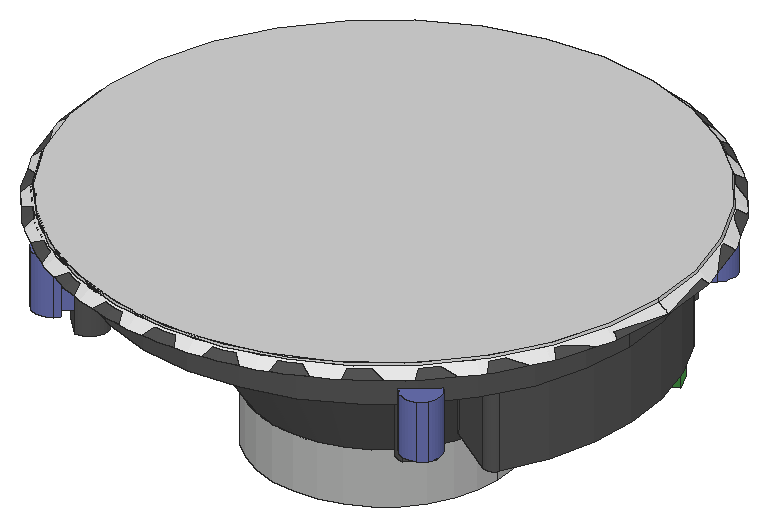
Revit family "QCI8DC", category Communication Devices, Revit 2020
Family settings
  Maintain Annotation Orientation = No
  Round Connector Dimension = Use Diameter
  Part Type = Normal
  Work Plane-Based = Yes
  Always vertical = No
  Cut with Voids When Loaded = Yes
  Shared = No
  Room Calculation Point = No
Parameters
  Weight (kg) [instance] = 3.1  # constant formula
  Thickness [instance] = 12 mm
  Square Grille [instance] = no
  Sensitivity [instance] = 87  # constant formula
  SPL Max (Peak) [instance] = 112  # constant formula
  Round Grille [instance] = yes
  Power Handling (Average) [instance] = 80  # constant formula
  Model = "QCI8DC"
  Manufacturer = "Tannoy"
  Impedance [instance] = 8  # constant formula
  Default Elevation = 0 mm
  Baffle Thickness [instance] = -Thickness  # -12 mm
Reference planes
  plane 1 "Center (Front/Back)": y = 0
  plane 2: z = 0
  plane 3 "Center (Left/Right)": x = 0
Forms (mm)
  Extrusion 1, solid, not visible
    sketch origin (0, 0, 0) x (1, 0, 0) y (0, 1, 0)
      loop
        line (-500, 500) -> (-500, -500) -> (500, -500) -> (500, 500) -> (-500, 500)
    from 0 to -12 <- "Baffle Thickness"
  Extrusion 2, void
    sketch origin (0, 0, 0) x (1, 0, 0) y (0, 1, 0)
      loop
        circle (0, 0) r 125
    from 0 to -12 <- "Baffle Thickness"
Cuts and joins
  Extrusion 2 cuts Extrusion 1
Dimensions and locks
  aligned and locked: level to plane 2
Nested families
  nested 1: "QCI8DC - base2" at (0, 0, 0) x (1, 0, 0) z (0, 0, -1), Round Grille <- "Round Grille", Square Grille <- "Square Grille", Thickness <- "Thickness", type "QCI8DC - base2"
    with Thickness 12 mm, Square Grille no, Round Grille yes
Connectors
  electrical at (103.753, 48.976, -65.678)
    settings: on nested 1, index 1, voltage 0 V, apparent load 0 VA, apparent load phase1 0 VA, apparent load phase2 0 VA, apparent load phase3 0 VA, power factor 1, load classification "Other", number of poles 1, system type 14, power factor state 1, is connector primary yes, connector utility no, sub classification motor no, connector description "Speaker In - 2pin"
Definition of nested family "QCI8DC - base2"
  Parameters (values of type "QCI8DC - base2")
    Thickness [instance] = 12 mm
    Square Grille [instance] = no
    Round Grille [instance] = yes
    Model = "QCI8DC"
    Manufacturer = "Tannoy"
    Default Elevation = 0 mm
  Reference planes
    plane 1 "Center (Front/Back)": y = 0
    plane 2: z = 0
    plane 3 "Center (Left/Right)": x = 0
  Lines and regions (mm)
    model lines
      curve 1: circle (0, 0, 0) r 100 normal (0, 0, 1)
  Dimensions and locks
    aligned and locked: level to plane 2
  Nested families
    nested 1: "QCI8DC - base1" at (0, 0, 0) x (1, 0, 0) z (0, 0, -1), Thickness <- "Thickness", type "QCI8DC - base1", detail levels medium+fine
      with Thickness 12 mm, Mount Tab Start2 -29 mm, Mount Tab Start -12 mm, Mount Tab End -39 mm
    nested 2: "QCI8 - Round Grille" at (0, 0, 0) x (1, 0, 0) z (0, 0, -1), visible <- "Round Grille", type "QCI8 - Round Grille", detail levels medium+fine
    nested 3: "QCI8 - Square Grille" at (0, 0, 0) x (1, 0, 0) z (0, 0, -1), visible <- "Square Grille", type "QCI8 - Square Grille", detail levels medium+fine
  Definition of nested family "QCI8DC - base1"
    Parameters (values of type "QCI8DC - base1")
      Thickness [instance] = 12 mm
      Mount Tab Start2 [instance] = Mount Tab Start - 17 mm  # -29 mm
      Mount Tab Start [instance] = if((Thickness < 8 mm), -8 mm, -Thickness)  # -12 mm
      Mount Tab End [instance] = Mount Tab Start - 27 mm  # -39 mm
      Model = "QCI8DC"
      Manufacturer = "Tannoy"
      Default Elevation = 0 mm
    Reference planes
      plane 1 "Center (Front/Back)": y = 0
      plane 2: z = 0
      plane 3 "Center (Left/Right)": x = 0
    Forms (mm)
      Blend 1, solid
        base sketch origin (0, 0, 0) x (1, 0, 0) y (0, 1, 0)
          loop
            circle (0, 0) r 144.165
        top sketch origin (0, 0, 0) x (1, 0, 0) y (0, 1, 0)
          loop
            circle (0, 0) r 140
        from 0 to 3
      Extrusion 2, solid
        sketch origin (0, 0, 0) x (1, 0, 0) y (0, 1, 0)
          loop
            circle (0, 0) r 124.2
        from 0 to -21.9
      Blend 3, solid
        base sketch origin (-778.373, 0, 0) x (1, 0, 0) y (0, 1, 0)
          loop
            circle (778.373, 0) r 93.4
        top sketch origin (-778.373, 0, 0) x (1, 0, 0) y (0, 1, 0)
          loop
            circle (778.373, 0) r 57.427
        from -21.9 to -80.001
      Extrusion 4, solid
        sketch origin (0, 0, 0) x (1, 0, 0) y (0, 1, 0)
          loop
            circle (0, 0) r 57.427
        from -80.001 to -105.928
      Blend 5, void
        base sketch origin (0, 0, 0) x (1, 0, 0) y (0, 1, 0)
          loop
            circle (0, 0) r 122.305
        top sketch origin (0, 0, 0) x (1, 0, 0) y (0, 1, 0)
          loop
            circle (0, -0.001) r 93.51
        from 3 to -15
      Blend 6, void
        base sketch origin (0, 0, 0) x (1, 0, 0) y (0, 1, 0)
          loop
            circle (0, -0.001) r 70
        top sketch origin (0, 0, 0) x (1, 0, 0) y (0, 1, 0)
          loop
            circle (0, -0.001) r 21.574
        from -15 to -40
      Extrusion 7, solid
        sketch origin (0, 0, 0) x (1, 0, 0) y (0, 1, 0)
          loop
            arc (70.374, 43.339) -> (82.61, 2.552) -> (72.917, -38.912) r 82.649
            arc (72.917, -38.912) -> (72.532, -43.757) -> (75.818, -47.339) r 6.084
            line (75.818, -47.339) -> (100.001, -62.589)
            arc (100.001, -62.589) -> (103.865, -63.206) -> (106.981, -60.84) r 4.976
            arc (106.981, -60.84) -> (123.029, 3.213) -> (103.66, 66.341) r 123.07
            arc (103.66, 66.341) -> (100.422, 68.544) -> (96.593, 67.726) r 4.981
            line (96.593, 67.726) -> (71.481, 50.003)
            arc (71.481, 50.003) -> (69.68, 46.878) -> (70.374, 43.339) r 5.143
        from -21.9 to -57.779
      Extrusion 8, solid
        sketch origin (-17.474, 16.713, 0) x (1, 0, 0) y (0, 1, 0)
          loop
            arc (-56.812, 64.163) -> (-58.529, 71.873) -> (-65.505, 75.578) r 9.438
            line (-65.505, 75.578) -> (-75.112, 65.968)
            arc (-75.112, 65.968) -> (-71.843, 58.796) -> (-64.234, 56.741) r 9.259
            line (-64.234, 56.741) -> (-56.812, 64.163)
        from -21.9 to -48
      Extrusion 9, solid
        sketch origin (-17.399, 16.787, 0) x (1, 0, 0) y (0, 1, 0)
          loop
            line (-71.455, 77.502) -> (-77.081, 72.258) -> (-73.11, 67.972) -> (-67.656, 73.426) -> (-71.455, 77.502)
        from -29 <- "Mount Tab Start2" to -39 <- "Mount Tab End"
      Extrusion 10, solid
        sketch origin (-17.397, 16.786, 0) x (1, 0, 0) y (0, 1, 0)
          loop
            line (-67.697, 81.013) -> (-69.4, 82.837)
            arc (-69.4, 82.837) -> (-74.402, 85.557) -> (-80.035, 84.725) r 8.988
            line (-80.035, 84.725) -> (-83.687, 81.319)
            arc (-83.687, 81.319) -> (-84.911, 75.758) -> (-82.547, 70.577) r 8.988
            line (-82.547, 70.577) -> (-80.844, 68.75) -> (-67.697, 81.013)
        from -12 <- "Mount Tab Start" to -39 <- "Mount Tab End"
      Extrusion 11, solid
        sketch origin (22.47, 10.959, 0) x (1, 0, 0) y (0, 1, 0)
          loop
            line (72.915, 39.568) -> (77.202, 30.547) -> (89.651, 36.466) -> (85.365, 45.486) -> (72.915, 39.568)
        from -57.779 to -65.678
      Extrusion 12, solid
        sketch origin (16.728, 17.636, 0) x (-0.000991, -1, 0) y (1, -0.000991, 0)
          loop
            arc (-56.812, 64.163) -> (-58.529, 71.873) -> (-65.505, 75.578) r 9.438
            line (-65.505, 75.578) -> (-75.112, 65.968)
            arc (-75.112, 65.968) -> (-71.843, 58.796) -> (-64.234, 56.741) r 9.259
            line (-64.234, 56.741) -> (-56.812, 64.163)
        from -21.9 to -48
      Extrusion 13, solid
        sketch origin (16.801, 17.561, 0) x (-0.000991, -1, 0) y (1, -0.000991, 0)
          loop
            line (-71.455, 77.502) -> (-77.081, 72.258) -> (-73.11, 67.972) -> (-67.656, 73.426) -> (-71.455, 77.502)
        from -29 <- "Mount Tab Start2" to -39 <- "Mount Tab End"
      Extrusion 14, solid
        sketch origin (16.8, 17.559, 0) x (-0.000991, -1, 0) y (1, -0.000991, 0)
          loop
            line (-67.697, 81.013) -> (-69.4, 82.837)
            arc (-69.4, 82.837) -> (-74.402, 85.557) -> (-80.035, 84.725) r 8.988
            line (-80.035, 84.725) -> (-83.687, 81.319)
            arc (-83.687, 81.319) -> (-84.911, 75.758) -> (-82.547, 70.577) r 8.988
            line (-82.547, 70.577) -> (-80.844, 68.75) -> (-67.697, 81.013)
        from -12 <- "Mount Tab Start" to -39 <- "Mount Tab End"
      Extrusion 15, solid
        sketch origin (-16.715, -17.475, 0) x (0.000032, 1, 0) y (-1, 0.000032, 0)
          loop
            arc (-56.812, 64.163) -> (-58.529, 71.873) -> (-65.505, 75.578) r 9.438
            line (-65.505, 75.578) -> (-75.112, 65.968)
            arc (-75.112, 65.968) -> (-71.843, 58.796) -> (-64.234, 56.741) r 9.259
            line (-64.234, 56.741) -> (-56.812, 64.163)
        from -21.9 to -48
      Extrusion 16, solid
        sketch origin (-16.788, -17.4, 0) x (0.000032, 1, 0) y (-1, 0.000032, 0)
          loop
            line (-71.455, 77.502) -> (-77.081, 72.258) -> (-73.11, 67.972) -> (-67.656, 73.426) -> (-71.455, 77.502)
        from -29 <- "Mount Tab Start2" to -39 <- "Mount Tab End"
      Extrusion 17, solid
        sketch origin (-16.787, -17.398, 0) x (0.000032, 1, 0) y (-1, 0.000032, 0)
          loop
            line (-67.697, 81.013) -> (-69.4, 82.837)
            arc (-69.4, 82.837) -> (-74.402, 85.557) -> (-80.035, 84.725) r 8.988
            line (-80.035, 84.725) -> (-83.687, 81.319)
            arc (-83.687, 81.319) -> (-84.911, 75.758) -> (-82.547, 70.577) r 8.988
            line (-82.547, 70.577) -> (-80.844, 68.75) -> (-67.697, 81.013)
        from -12 <- "Mount Tab Start" to -39 <- "Mount Tab End"
      Extrusion 18, solid
        sketch origin (17.475, -16.715, 0) x (-1, -0.000034, 0) y (0.000034, -1, 0)
          loop
            arc (-56.812, 64.163) -> (-58.529, 71.873) -> (-65.505, 75.578) r 9.438
            line (-65.505, 75.578) -> (-75.112, 65.968)
            arc (-75.112, 65.968) -> (-71.843, 58.796) -> (-64.234, 56.741) r 9.259
            line (-64.234, 56.741) -> (-56.812, 64.163)
        from -21.9 to -48
      Extrusion 19, solid
        sketch origin (17.4, -16.789, 0) x (-1, -0.000034, 0) y (0.000034, -1, 0)
          loop
            line (-71.455, 77.502) -> (-77.081, 72.258) -> (-73.11, 67.972) -> (-67.656, 73.426) -> (-71.455, 77.502)
        from -29 <- "Mount Tab Start2" to -39 <- "Mount Tab End"
      Extrusion 20, solid
        sketch origin (17.398, -16.788, 0) x (-1, -0.000034, 0) y (0.000034, -1, 0)
          loop
            line (-67.697, 81.013) -> (-69.4, 82.837)
            arc (-69.4, 82.837) -> (-74.402, 85.557) -> (-80.035, 84.725) r 8.988
            line (-80.035, 84.725) -> (-83.687, 81.319)
            arc (-83.687, 81.319) -> (-84.911, 75.758) -> (-82.547, 70.577) r 8.988
            line (-82.547, 70.577) -> (-80.844, 68.75) -> (-67.697, 81.013)
        from -12 <- "Mount Tab Start" to -39 <- "Mount Tab End"
    Cuts and joins
      Blend 5 cuts Blend 1
      Blend 5, Blend 6 cuts Extrusion 2
      Blend 6 cuts Blend 3
      joined: Extrusion 2, Blend 3, Extrusion 7
    Lines and regions (mm)
      model lines
        curve 1: circle (-0.001, -0.001, -40) r 13.635 normal (0, 0, 1)
        curve 2: circle (0.001, 0.001, -40) r 6.391 normal (0, 0, 1)
    Dimensions and locks
      aligned and locked: level to plane 2
  Definition of nested family "QCI8 - Round Grille"
    Parameters
      Default Elevation = 1219.2 mm
    Reference planes
      plane 1 "Center (Front/Back)": y = 0
      plane 2: z = 0
      plane 3 "Center (Left/Right)": x = 0
    Forms (mm)
      Blend 1, solid
        base sketch origin (0, 0, 0) x (1, 0, 0) y (0, 1, 0)
          loop
            circle (0, 0) r 144.164
        top sketch origin (0, 0, 0) x (1, 0, 0) y (0, 1, 0)
          loop
            circle (0, 0.001) r 139.078
        from 0 to 3.9
      Blend 2, solid
        base sketch origin (0, 0, 0) x (1, 0, 0) y (0, 1, 0)
          loop
            circle (0, 0) r 139.077
        top sketch origin (0, 0, 0) x (1, 0, 0) y (0, 1, 0)
          loop
            circle (0, 0) r 138.775
        from 3.9 to 5
    Dimensions and locks
      aligned and locked: level to plane 2
  Definition of nested family "QCI8 - Square Grille"
    Parameters
      Default Elevation = 1219.2 mm
    Reference planes
      plane 1 "Center (Front/Back)": y = 0
      plane 2: z = 0
      plane 3 "Center (Left/Right)": x = 0
    Forms (mm)
      Blend 1, solid
        base sketch origin (0, 0, 0) x (1, 0, 0) y (0, 1, 0)
          loop
            arc (-143.784, 145.19) -> (-144.774, 144.779) -> (-145.184, 143.79) r 1.4
            line (-145.184, 143.79) -> (-145.184, -143.416)
            arc (-145.184, -143.416) -> (-144.774, -144.406) -> (-143.784, -144.816) r 1.4
            line (-143.784, -144.816) -> (143.451, -144.816)
            arc (143.451, -144.816) -> (144.416, -144.416) -> (144.816, -143.451) r 1.364
            line (144.816, -143.451) -> (144.816, 143.79)
            arc (144.816, 143.79) -> (144.406, 144.779) -> (143.416, 145.19) r 1.4
            line (143.416, 145.19) -> (-143.784, 145.19)
        top sketch origin (0, 0, 0) x (1, 0, 0) y (0, 1, 0)
          loop
            arc (-133.777, 139.263) -> (-137.653, 137.658) -> (-139.258, 133.782) r 5.481
            line (-139.258, 133.782) -> (-139.258, -133.384)
            arc (-139.258, -133.384) -> (-137.647, -137.273) -> (-133.758, -138.884) r 5.5
            line (-133.758, -138.884) -> (133.389, -138.884)
            arc (133.389, -138.884) -> (137.278, -137.273) -> (138.889, -133.384) r 5.5
            line (138.889, -133.384) -> (138.889, 133.763)
            arc (138.889, 133.763) -> (137.278, 137.652) -> (133.389, 139.263) r 5.5
            line (133.389, 139.263) -> (-133.777, 139.263)
        from 0 to 4
      Extrusion 2, solid
        sketch origin (0, 0, 0) x (1, 0, 0) y (0, 1, 0)
          loop
            arc (-133.777, 139.263) -> (-137.653, 137.658) -> (-139.258, 133.782) r 5.481
            line (-139.258, 133.782) -> (-139.258, -133.384)
            arc (-139.258, -133.384) -> (-137.647, -137.273) -> (-133.758, -138.884) r 5.5
            line (-133.758, -138.884) -> (133.389, -138.884)
            arc (133.389, -138.884) -> (137.278, -137.273) -> (138.889, -133.384) r 5.5
            line (138.889, -133.384) -> (138.889, 133.763)
            arc (138.889, 133.763) -> (137.278, 137.652) -> (133.389, 139.263) r 5.5
            line (133.389, 139.263) -> (-133.777, 139.263)
        from 4 to 5.1
    Dimensions and locks
      aligned and locked: level to plane 2
